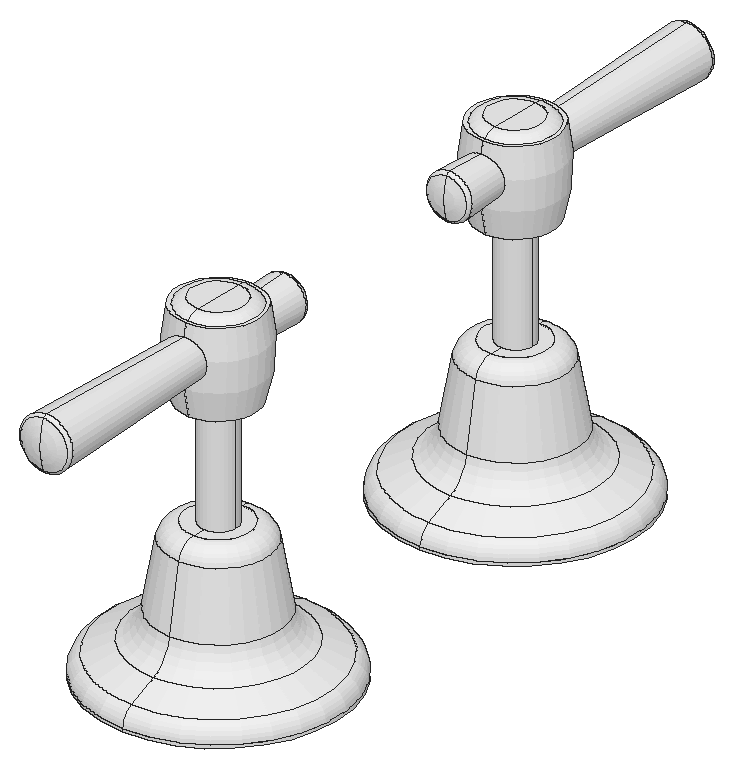
Revit family "Classic-lever-w-tp-ass-HWC-631245C", category Plumbing Fixtures, host Face, Revit 2015
Parameters
  Waste Connection = no
  Vent Connection = no
  URL = "https://www.caroma.com.au/"
  Model = "631245C"
  Material_Spout = GWA_Metal-Chrome
  Material_Handle = GWA_Metal-Chrome
  Manufacturer = "GWA Bathrooms & Kitchens"  # constant formula
  HW Connection = yes
  Description = "Classic-lever-w-tp-ass-HWC"
  Default Elevation = 900 mm
  CreatedBy_ANZRS = "GWA Bathrooms & Kitchens"  # constant formula
  CW Connection = yes
  Assembly Code = "C1030220"
Reference planes
  plane 1 "Center (Front/Back)": y = 0
  plane 2: z = 0
  plane 3 "Center (Left/Right)": x = 0
Forms (mm)
  Revolve 1, solid, material "GWA_Metal-Chrome" <- "Material_Handle"
    sketch origin (0, 57.06, 14) x (0, -1, 0) y (0, 0, 1)
      loop
        arc (100.288, 77) -> (98.53, 76.606) -> (97.108, 75.5) r 4.122
        line (97.108, 75.5) -> (96.066, 75.5)
        arc (96.066, 75.5) -> (94.994, 63.931) -> (97.072, 52.5) r 42.817
        line (97.072, 52.5) -> (107.06, 52.5) -> (107.06, 77) -> (100.288, 77)
      axis (107.06, 77) -> (107.06, 52.5)
    angle from 0 to 360
  Revolve 2, solid, material "GWA_Metal-Chrome" <- "Material_Handle"
    sketch origin (0, 57.06, 14) x (0, -1, 0) y (0, 0, 1)
      loop
        line (115.373, 72.256) -> (115.373, 67) -> (167.06, 67)
        arc (167.06, 67) -> (166.697, 70.282) -> (165.624, 73.405) r 15
        arc (165.624, 73.405) -> (165.24, 73.832) -> (164.685, 73.978) r 1
        line (164.685, 73.978) -> (115.373, 72.256)
      axis (115.373, 67) -> (167.06, 67)
    angle from 0 to 360
  Revolve 3, solid, material "GWA_Metal-Chrome" <- "Material_Handle"
    sketch origin (0, 57.06, 14) x (0, -1, 0) y (0, 0, 1)
      loop
        line (98.747, 72.421) -> (85.045, 73.019)
        arc (85.045, 73.019) -> (84.453, 72.857) -> (84.068, 72.379) r 1
        arc (84.068, 72.379) -> (83.319, 69.736) -> (83.065, 67) r 15
        line (83.065, 67) -> (98.747, 67) -> (98.747, 72.421)
      axis (98.747, 67) -> (83.065, 67)
    angle from 0 to 360
  Extrusion 4, solid, material "GWA_Metal-Chrome" <- "Material_Handle"
    sketch origin (0, 57.06, 0) x (1, 0, 0) y (0, 1, 0)
      loop
        circle (0, -107.06) r 4.75
    from 33.717 to 66.5
  Revolve 5, solid, material "GWA_Metal-Chrome" <- "Material_Handle"
    sketch origin (0, -50, 0) x (0, 1, 0) y (0, 0, 1)
      loop
        line (-32, 0) -> (0, 0) -> (0, 37) -> (-8.305, 37)
        arc (-8.305, 37) -> (-11.518, 35.83) -> (-13.229, 32.868) r 5
        line (-13.229, 32.868) -> (-16.189, 16.078)
        arc (-16.189, 16.078) -> (-18.104, 11.727) -> (-21.811, 8.751) r 10
        line (-21.811, 8.751) -> (-29.113, 5.346)
        arc (-29.113, 5.346) -> (-31.217, 3.501) -> (-32, 0.815) r 5
        line (-32, 0.815) -> (-32, 0)
      axis (0, 37) -> (0, 0)
    angle from 0 to 360
  Revolve 6, solid, material "GWA_Metal-Chrome" <- "Material_Handle"
    sketch origin (0, -57.06, 14) x (0, 1, 0) y (0, 0, 1)
      loop
        arc (100.288, 77) -> (98.53, 76.606) -> (97.108, 75.5) r 4.122
        line (97.108, 75.5) -> (96.066, 75.5)
        arc (96.066, 75.5) -> (94.994, 63.931) -> (97.072, 52.5) r 42.817
        line (97.072, 52.5) -> (107.06, 52.5) -> (107.06, 77) -> (100.288, 77)
      axis (107.06, 77) -> (107.06, 52.5)
    angle from 0 to 360
  Revolve 7, solid, material "GWA_Metal-Chrome" <- "Material_Handle"
    sketch origin (0, -57.06, 14) x (0, 1, 0) y (0, 0, 1)
      loop
        line (115.373, 72.256) -> (115.373, 67) -> (167.06, 67)
        arc (167.06, 67) -> (166.697, 70.282) -> (165.624, 73.405) r 15
        arc (165.624, 73.405) -> (165.24, 73.832) -> (164.685, 73.978) r 1
        line (164.685, 73.978) -> (115.373, 72.256)
      axis (115.373, 67) -> (167.06, 67)
    angle from 0 to 360
  Revolve 8, solid, material "GWA_Metal-Chrome" <- "Material_Handle"
    sketch origin (0, -57.06, 14) x (0, 1, 0) y (0, 0, 1)
      loop
        line (98.747, 72.421) -> (85.045, 73.019)
        arc (85.045, 73.019) -> (84.453, 72.857) -> (84.068, 72.379) r 1
        arc (84.068, 72.379) -> (83.319, 69.736) -> (83.065, 67) r 15
        line (83.065, 67) -> (98.747, 67) -> (98.747, 72.421)
      axis (98.747, 67) -> (83.065, 67)
    angle from 0 to 360
  Extrusion 9, solid, material "GWA_Metal-Chrome" <- "Material_Handle"
    sketch origin (0, -57.06, 0) x (1, 0, 0) y (0, 1, 0)
      loop
        circle (0, 107.06) r 4.75
    from 33.717 to 66.5
  Revolve 10, solid, material "GWA_Metal-Chrome" <- "Material_Handle"
    sketch origin (0, 50, 0) x (0, -1, 0) y (0, 0, 1)
      loop
        line (-32, 0) -> (0, 0) -> (0, 37) -> (-8.305, 37)
        arc (-8.305, 37) -> (-11.518, 35.83) -> (-13.229, 32.868) r 5
        line (-13.229, 32.868) -> (-16.189, 16.078)
        arc (-16.189, 16.078) -> (-18.104, 11.727) -> (-21.811, 8.751) r 10
        line (-21.811, 8.751) -> (-29.113, 5.346)
        arc (-29.113, 5.346) -> (-31.217, 3.501) -> (-32, 0.815) r 5
        line (-32, 0.815) -> (-32, 0)
      axis (0, 37) -> (0, 0)
    angle from 0 to 360
Lines and regions (mm)
  Masking region 1
    outline origin (0, 50, 0) x (0, 1, 0) y (0, 0, 1)
      loop
        line (-68, 0) -> (-68, 0.815)
        arc (-68, 0.815) -> (-68.783, 3.501) -> (-70.887, 5.346) r 5
        line (-70.887, 5.346) -> (-78.189, 8.751)
        arc (-78.189, 8.751) -> (-81.896, 11.727) -> (-83.811, 16.078) r 10
        line (-83.811, 16.078) -> (-86.771, 32.868)
        arc (-86.771, 32.868) -> (-88.482, 35.83) -> (-91.695, 37) r 5
        line (-91.695, 37) -> (-95.284, 37) -> (-95.284, 66.5) -> (-90.06, 66.5)
        arc (-90.06, 66.5) -> (-88.875, 70.913) -> (-88.166, 75.427) r 42.817
        line (-88.166, 75.427) -> (-78.024, 74.981)
        arc (-78.024, 74.981) -> (-77.431, 75.143) -> (-77.046, 75.622) r 1
        arc (-77.046, 75.622) -> (-76.054, 81.002) -> (-77.057, 86.379) r 15
        arc (-77.057, 86.379) -> (-77.442, 86.857) -> (-78.033, 87.019) r 1
        line (-78.033, 87.019) -> (-88.479, 86.563)
        arc (-88.479, 86.563) -> (-88.741, 88.036) -> (-89.054, 89.5) r 42.817
        line (-89.054, 89.5) -> (-90.096, 89.5)
        arc (-90.096, 89.5) -> (-91.496, 90.655) -> (-93.277, 91) r 3.678
        line (-93.277, 91) -> (-106.82, 91)
        arc (-106.82, 91) -> (-108.602, 90.655) -> (-110.001, 89.5) r 3.678
        line (-110.001, 89.5) -> (-111.043, 89.5)
        arc (-111.043, 89.5) -> (-111.375, 87.941) -> (-111.649, 86.37) r 42.817
        line (-111.649, 86.37) -> (-157.673, 87.978)
        arc (-157.673, 87.978) -> (-158.229, 87.832) -> (-158.612, 87.405) r 1
        arc (-158.612, 87.405) -> (-160.049, 81) -> (-158.612, 74.595) r 15
        arc (-158.612, 74.595) -> (-158.229, 74.168) -> (-157.673, 74.022) r 1
        line (-157.673, 74.022) -> (-111.951, 75.619)
        arc (-111.951, 75.619) -> (-111.243, 71.007) -> (-110.037, 66.5) r 42.817
        line (-110.037, 66.5) -> (-104.814, 66.5) -> (-104.814, 37) -> (-108.305, 37)
        arc (-108.305, 37) -> (-111.518, 35.83) -> (-113.229, 32.868) r 5
        line (-113.229, 32.868) -> (-116.189, 16.078)
        arc (-116.189, 16.078) -> (-118.104, 11.727) -> (-121.811, 8.751) r 10
        line (-121.811, 8.751) -> (-129.113, 5.346)
        arc (-129.113, 5.346) -> (-131.217, 3.501) -> (-132, 0.815) r 5
        line (-132, 0.815) -> (-132, 0) -> (-68, 0)
  Masking region 2
    outline origin (0, 0, 0) x (1, 0, 0) y (0, 0, 1)
      loop
        arc (-6.772, 91) -> (-8.553, 90.655) -> (-9.952, 89.5) r 3.678
        line (-9.952, 89.5) -> (-10.994, 89.5)
        arc (-10.994, 89.5) -> (-12.066, 77.931) -> (-9.988, 66.5) r 42.817
        line (-9.988, 66.5) -> (-4.75, 66.5) -> (-4.75, 37) -> (-8.305, 37)
        arc (-8.305, 37) -> (-11.518, 35.83) -> (-13.229, 32.868) r 5
        line (-13.229, 32.868) -> (-16.189, 16.078)
        arc (-16.189, 16.078) -> (-18.104, 11.727) -> (-21.811, 8.751) r 10
        line (-21.811, 8.751) -> (-29.113, 5.346)
        arc (-29.113, 5.346) -> (-31.217, 3.501) -> (-32, 0.815) r 5
        line (-32, 0.815) -> (-32, 0) -> (32, 0) -> (32, 0.815)
        arc (32, 0.815) -> (31.217, 3.501) -> (29.113, 5.346) r 5
        line (29.113, 5.346) -> (21.811, 8.751)
        arc (21.811, 8.751) -> (18.104, 11.727) -> (16.189, 16.078) r 10
        line (16.189, 16.078) -> (13.229, 32.868)
        arc (13.229, 32.868) -> (11.518, 35.83) -> (8.305, 37) r 5
        line (8.305, 37) -> (4.75, 37) -> (4.75, 66.5) -> (9.988, 66.5)
        arc (9.988, 66.5) -> (12.066, 77.931) -> (10.994, 89.5) r 42.817
        line (10.994, 89.5) -> (9.952, 89.5)
        arc (9.952, 89.5) -> (8.53, 90.606) -> (6.772, 91) r 4.122
        line (6.772, 91) -> (-6.772, 91)
  Masking region 3
    outline origin (0, -50, 0) x (0, -1, 0) y (0, 0, 1)
      loop
        line (-68, 0) -> (-68, 0.815)
        arc (-68, 0.815) -> (-68.783, 3.501) -> (-70.887, 5.346) r 5
        line (-70.887, 5.346) -> (-78.189, 8.751)
        arc (-78.189, 8.751) -> (-81.896, 11.727) -> (-83.811, 16.078) r 10
        line (-83.811, 16.078) -> (-86.771, 32.868)
        arc (-86.771, 32.868) -> (-88.482, 35.83) -> (-91.695, 37) r 5
        line (-91.695, 37) -> (-95.284, 37) -> (-95.284, 66.5) -> (-90.06, 66.5)
        arc (-90.06, 66.5) -> (-88.875, 70.913) -> (-88.166, 75.427) r 42.817
        line (-88.166, 75.427) -> (-78.024, 74.981)
        arc (-78.024, 74.981) -> (-77.431, 75.143) -> (-77.046, 75.622) r 1
        arc (-77.046, 75.622) -> (-76.054, 81.002) -> (-77.057, 86.379) r 15
        arc (-77.057, 86.379) -> (-77.442, 86.857) -> (-78.033, 87.019) r 1
        line (-78.033, 87.019) -> (-88.479, 86.563)
        arc (-88.479, 86.563) -> (-88.741, 88.036) -> (-89.054, 89.5) r 42.817
        line (-89.054, 89.5) -> (-90.096, 89.5)
        arc (-90.096, 89.5) -> (-91.496, 90.655) -> (-93.277, 91) r 3.678
        line (-93.277, 91) -> (-106.82, 91)
        arc (-106.82, 91) -> (-108.602, 90.655) -> (-110.001, 89.5) r 3.678
        line (-110.001, 89.5) -> (-111.043, 89.5)
        arc (-111.043, 89.5) -> (-111.375, 87.941) -> (-111.649, 86.37) r 42.817
        line (-111.649, 86.37) -> (-157.673, 87.978)
        arc (-157.673, 87.978) -> (-158.229, 87.832) -> (-158.612, 87.405) r 1
        arc (-158.612, 87.405) -> (-160.049, 81) -> (-158.612, 74.595) r 15
        arc (-158.612, 74.595) -> (-158.229, 74.168) -> (-157.673, 74.022) r 1
        line (-157.673, 74.022) -> (-111.951, 75.619)
        arc (-111.951, 75.619) -> (-111.243, 71.007) -> (-110.037, 66.5) r 42.817
        line (-110.037, 66.5) -> (-104.814, 66.5) -> (-104.814, 37) -> (-108.305, 37)
        arc (-108.305, 37) -> (-111.518, 35.83) -> (-113.229, 32.868) r 5
        line (-113.229, 32.868) -> (-116.189, 16.078)
        arc (-116.189, 16.078) -> (-118.104, 11.727) -> (-121.811, 8.751) r 10
        line (-121.811, 8.751) -> (-129.113, 5.346)
        arc (-129.113, 5.346) -> (-131.217, 3.501) -> (-132, 0.815) r 5
        line (-132, 0.815) -> (-132, 0) -> (-68, 0)
  Masking region 4
    outline origin (0, 0, 0) x (1, 0, 0) y (0, 1, 0)
      loop
        arc (6.062, -81.42) -> (0, -18) -> (-6.063, -81.42) r 32
        line (-6.063, -81.42) -> (-6.978, -107.625)
        arc (-6.978, -107.625) -> (-6.832, -108.18) -> (-6.405, -108.564) r 1
        arc (-6.405, -108.564) -> (0, -110) -> (6.405, -108.564) r 15
        arc (6.405, -108.564) -> (6.832, -108.18) -> (6.978, -107.625) r 1
        line (6.978, -107.625) -> (6.062, -81.42)
  Masking region 5
    outline origin (0, 0, 0) x (0, -1, 0) y (1, 0, 0)
      loop
        line (-81.42, 6.062) -> (-107.625, 6.978)
        arc (-107.625, 6.978) -> (-108.18, 6.832) -> (-108.564, 6.405) r 1
        arc (-108.564, 6.405) -> (-110, 0) -> (-108.564, -6.405) r 15
        arc (-108.564, -6.405) -> (-108.18, -6.832) -> (-107.625, -6.978) r 1
        line (-107.625, -6.978) -> (-81.42, -6.063)
        arc (-81.42, -6.063) -> (-18, 0) -> (-81.42, 6.062) r 32
  symbolic lines
    curve 1: line (-10.994, 0, 89.5) -> (10.994, 0, 89.5)
    curve 2: arc (10.994, 0, 89.5) -> (12.066, 0, 77.931) -> (9.988, 0, 66.5) r 42.817
    curve 3: line (9.988, 0, 66.5) -> (-9.988, 0, 66.5)
    curve 4: arc (-9.988, 0, 66.5) -> (-12.066, 0, 77.931) -> (-10.994, 0, 89.5) r 42.817
    curve 5: arc (-9.952, 0, 89.5) -> (-8.553, 0, 90.655) -> (-6.772, 0, 91) r 3.678
    curve 6: line (-6.772, 0, 91) -> (6.772, 0, 91)
    curve 7: arc (6.772, 0, 91) -> (8.53, 0, 90.606) -> (9.952, 0, 89.5) r 4.122
    curve 8: circle (0, 0, 81) r 6 normal (0, -1, 0)
    curve 9: line (-4.75, 0, 66.5) -> (-4.75, 0, 37)
    curve 10: line (4.75, 0, 66.5) -> (4.75, 0, 37)
    curve 11: line (0, -107.673, 87.978) -> (0, -61.649, 86.37)
    curve 12: arc (0, -108.612, 87.405) -> (0, -108.229, 87.832) -> (0, -107.673, 87.978) r 1
    curve 13: arc (0, -108.612, 87.405) -> (0, -110.049, 81) -> (0, -108.612, 74.595) r 15
    curve 14: arc (0, -108.612, 74.595) -> (0, -108.229, 74.168) -> (0, -107.673, 74.022) r 1
    curve 15: line (0, -61.951, 75.619) -> (0, -107.673, 74.022)
    curve 16: line (0, -38.166, 75.427) -> (0, -28.024, 74.981)
    curve 17: arc (0, -27.046, 75.622) -> (0, -27.431, 75.143) -> (0, -28.024, 74.981) r 1
    curve 18: arc (0, -27.057, 86.379) -> (0, -26.054, 81.002) -> (0, -27.046, 75.622) r 15
    curve 19: arc (0, -27.057, 86.379) -> (0, -27.442, 86.857) -> (0, -28.033, 87.019) r 1
    curve 20: line (0, -28.033, 87.019) -> (0, -38.479, 86.563)
    curve 21: line (0, -39.054, 89.5) -> (0, -61.043, 89.5)
    curve 22: arc (0, -40.096, 89.5) -> (0, -41.496, 90.655) -> (0, -43.277, 91) r 3.678
    curve 23: arc (0, -60.001, 89.5) -> (0, -58.602, 90.655) -> (0, -56.82, 91) r 3.678
    curve 24: line (0, -43.277, 91) -> (0, -56.82, 91)
    curve 25: line (0, -40.06, 66.5) -> (0, -60.037, 66.5)
    curve 26: line (0, -54.814, 66.5) -> (0, -54.814, 37)
    curve 27: line (0, -45.284, 66.5) -> (0, -45.284, 37)
    curve 28: arc (0, -39.054, 89.5) -> (0, -38.741, 88.036) -> (0, -38.479, 86.563) r 42.817
    curve 29: arc (0, -38.166, 75.427) -> (0, -38.875, 70.913) -> (0, -40.06, 66.5) r 42.817
    curve 30: arc (0, -61.043, 89.5) -> (0, -61.375, 87.941) -> (0, -61.649, 86.37) r 42.817
    curve 31: arc (0, -61.951, 75.619) -> (0, -61.243, 71.007) -> (0, -60.037, 66.5) r 42.817
    curve 32: arc (0, -38.479, 86.563) -> (0, -40.253, 80.94) -> (0, -38.166, 75.427) r 9
    curve 33: arc (0, -61.649, 86.37) -> (0, -60.017, 80.945) -> (0, -61.951, 75.619) r 9
    curve 34: line (5.346, -60.912, 0) -> (6.978, -107.625, 0)
    curve 35: line (-6.978, -107.625, 0) -> (-5.346, -60.912, 0)
    curve 36: arc (-6.978, -107.625, 0) -> (-6.832, -108.18, 0) -> (-6.405, -108.564, 0) r 1
    curve 37: arc (-6.405, -108.564, 0) -> (0, -110, 0) -> (6.405, -108.564, 0) r 15
    curve 38: arc (6.405, -108.564, 0) -> (6.832, -108.18, 0) -> (6.978, -107.625, 0) r 1
    curve 39: arc (-6.019, -27.985, 0) -> (-5.857, -27.393, 0) -> (-5.379, -27.008, 0) r 1
    curve 40: arc (-5.379, -27.008, 0) -> (-0.002, -26.005, 0) -> (5.378, -26.997, 0) r 15
    curve 41: arc (5.378, -26.997, 0) -> (5.857, -27.383, 0) -> (6.019, -27.975, 0) r 1
    curve 42: line (6.019, -27.975, 0) -> (5.527, -39.178, 0)
    curve 43: line (-6.019, -27.975, 0) -> (-5.527, -39.178, 0)
    curve 44: arc (-5.379, -61.845, 0) -> (-13.009, -50.104, 0) -> (-5.568, -38.243, 0) r 13.009
    curve 45: circle (0, -50, 0) r 9.952 normal (0, 0, -1)
    curve 46: arc (5.346, -60.912, 0) -> (0, -62.152, 0) -> (-5.346, -60.912, 0) r 12.152
    curve 47: arc (-5.527, -39.178, 0) -> (0, -37.848, 0) -> (5.527, -39.178, 0) r 12.152
    curve 48: arc (5.568, -38.243, 0) -> (13.009, -50.104, 0) -> (5.379, -61.845, 0) r 13.009
    curve 49: line (0, -82, 0) -> (0, -18, 0)
    curve 50: line (0, -18, 0) -> (0, -18, 0.815)
    curve 51: arc (0, -18, 0.815) -> (0, -18.783, 3.501) -> (0, -20.887, 5.346) r 5
    curve 52: line (0, -20.887, 5.346) -> (0, -28.189, 8.751)
    curve 53: arc (0, -28.189, 8.751) -> (0, -31.896, 11.727) -> (0, -33.811, 16.078) r 10
    curve 54: line (0, -33.811, 16.078) -> (0, -36.771, 32.868)
    curve 55: arc (0, -36.771, 32.868) -> (0, -38.482, 35.83) -> (0, -41.695, 37) r 5
    curve 56: line (0, -41.695, 37) -> (0, -58.305, 37)
    curve 57: line (0, -82, 0) -> (0, -82, 0.815)
    curve 58: arc (0, -82, 0.815) -> (0, -81.217, 3.501) -> (0, -79.113, 5.346) r 5
    curve 59: line (0, -79.113, 5.346) -> (0, -71.811, 8.751)
    curve 60: arc (0, -71.811, 8.751) -> (0, -68.104, 11.727) -> (0, -66.189, 16.078) r 10
    curve 61: line (0, -66.189, 16.078) -> (0, -63.229, 32.868)
    curve 62: arc (0, -63.229, 32.868) -> (0, -61.518, 35.83) -> (0, -58.305, 37) r 5
    curve 63: line (-8.305, 0, 37) -> (8.305, 0, 37)
    curve 64: arc (-13.229, 0, 32.868) -> (-11.518, 0, 35.83) -> (-8.305, 0, 37) r 5
    curve 65: line (-13.229, 0, 32.868) -> (-16.189, 0, 16.078)
    curve 66: arc (13.229, 0, 32.868) -> (11.518, 0, 35.83) -> (8.305, 0, 37) r 5
    curve 67: line (13.229, 0, 32.868) -> (16.189, 0, 16.078)
    curve 68: arc (21.811, 0, 8.751) -> (18.104, 0, 11.727) -> (16.189, 0, 16.078) r 10
    curve 69: arc (-21.811, 0, 8.751) -> (-18.104, 0, 11.727) -> (-16.189, 0, 16.078) r 10
    curve 70: line (-21.811, 0, 8.751) -> (-29.113, 0, 5.346)
    curve 71: line (21.811, 0, 8.751) -> (29.113, 0, 5.346)
    curve 72: arc (32, 0, 0.815) -> (31.217, 0, 3.501) -> (29.113, 0, 5.346) r 5
    curve 73: arc (-32, 0, 0.815) -> (-31.217, 0, 3.501) -> (-29.113, 0, 5.346) r 5
    curve 74: line (-32, 0, 0.815) -> (-32, 0, 0)
    curve 75: line (32, 0, 0) -> (32, 0, 0.815)
    curve 76: line (32, 0, 0) -> (-32, 0, 0)
    curve 77: line (0, 107.673, 87.978) -> (0, 61.649, 86.37)
    curve 78: arc (0, 108.612, 87.405) -> (0, 108.229, 87.832) -> (0, 107.673, 87.978) r 1
    curve 79: arc (0, 108.612, 87.405) -> (0, 110.049, 81) -> (0, 108.612, 74.595) r 15
    curve 80: arc (0, 108.612, 74.595) -> (0, 108.229, 74.168) -> (0, 107.673, 74.022) r 1
    curve 81: line (0, 61.951, 75.619) -> (0, 107.673, 74.022)
    curve 82: line (0, 38.166, 75.427) -> (0, 28.024, 74.981)
    curve 83: arc (0, 27.046, 75.622) -> (0, 27.431, 75.143) -> (0, 28.024, 74.981) r 1
    curve 84: arc (0, 27.057, 86.379) -> (0, 26.054, 81.002) -> (0, 27.046, 75.622) r 15
    curve 85: arc (0, 27.057, 86.379) -> (0, 27.442, 86.857) -> (0, 28.033, 87.019) r 1
    curve 86: line (0, 28.033, 87.019) -> (0, 38.479, 86.563)
    curve 87: line (0, 39.054, 89.5) -> (0, 61.043, 89.5)
    curve 88: arc (0, 40.096, 89.5) -> (0, 41.496, 90.655) -> (0, 43.277, 91) r 3.678
    curve 89: arc (0, 60.001, 89.5) -> (0, 58.602, 90.655) -> (0, 56.82, 91) r 3.678
    curve 90: line (0, 43.277, 91) -> (0, 56.82, 91)
    curve 91: line (0, 40.06, 66.5) -> (0, 60.037, 66.5)
    curve 92: line (0, 54.814, 66.5) -> (0, 54.814, 37)
    curve 93: line (0, 45.284, 66.5) -> (0, 45.284, 37)
    curve 94: arc (0, 39.054, 89.5) -> (0, 38.741, 88.036) -> (0, 38.479, 86.563) r 42.817
    curve 95: arc (0, 38.166, 75.427) -> (0, 38.875, 70.913) -> (0, 40.06, 66.5) r 42.817
    curve 96: arc (0, 61.043, 89.5) -> (0, 61.375, 87.941) -> (0, 61.649, 86.37) r 42.817
    curve 97: arc (0, 61.951, 75.619) -> (0, 61.243, 71.007) -> (0, 60.037, 66.5) r 42.817
    curve 98: arc (0, 38.479, 86.563) -> (0, 40.253, 80.94) -> (0, 38.166, 75.427) r 9
    curve 99: arc (0, 61.649, 86.37) -> (0, 60.017, 80.945) -> (0, 61.951, 75.619) r 9
    curve 100: line (0, 82, 0) -> (0, 18, 0)
    curve 101: line (0, 18, 0) -> (0, 18, 0.815)
    curve 102: arc (0, 18, 0.815) -> (0, 18.783, 3.501) -> (0, 20.887, 5.346) r 5
    curve 103: line (0, 20.887, 5.346) -> (0, 28.189, 8.751)
    curve 104: arc (0, 28.189, 8.751) -> (0, 31.896, 11.727) -> (0, 33.811, 16.078) r 10
    curve 105: line (0, 33.811, 16.078) -> (0, 36.771, 32.868)
    curve 106: arc (0, 36.771, 32.868) -> (0, 38.482, 35.83) -> (0, 41.695, 37) r 5
    curve 107: line (0, 41.695, 37) -> (0, 58.305, 37)
    curve 108: line (0, 82, 0) -> (0, 82, 0.815)
    curve 109: arc (0, 82, 0.815) -> (0, 81.217, 3.501) -> (0, 79.113, 5.346) r 5
    curve 110: line (0, 79.113, 5.346) -> (0, 71.811, 8.751)
    curve 111: arc (0, 71.811, 8.751) -> (0, 68.104, 11.727) -> (0, 66.189, 16.078) r 10
    curve 112: line (0, 66.189, 16.078) -> (0, 63.229, 32.868)
    curve 113: arc (0, 63.229, 32.868) -> (0, 61.518, 35.83) -> (0, 58.305, 37) r 5
    curve 114: arc (-5.973, -29.034, 0) -> (-21.8, -50.142, 0) -> (-5.7, -71.042, 0) r 21.8
    curve 115: arc (5.7, -71.042, 0) -> (21.8, -50.142, 0) -> (5.973, -29.034, 0) r 21.8
    curve 116: arc (6.062, -81.42, 0) -> (0, -18, 0) -> (-6.063, -81.42, 0) r 32
    curve 117: line (5.346, 60.912, 0) -> (6.978, 107.625, 0)
    curve 118: line (-6.978, 107.625, 0) -> (-5.346, 60.912, 0)
    curve 119: arc (-6.978, 107.625, 0) -> (-6.832, 108.18, 0) -> (-6.405, 108.564, 0) r 1
    curve 120: arc (-6.405, 108.564, 0) -> (0, 110, 0) -> (6.405, 108.564, 0) r 15
    curve 121: arc (6.405, 108.564, 0) -> (6.832, 108.18, 0) -> (6.978, 107.625, 0) r 1
    curve 122: arc (-6.019, 27.985, 0) -> (-5.857, 27.393, 0) -> (-5.379, 27.008, 0) r 1
    curve 123: arc (-5.379, 27.008, 0) -> (-0.002, 26.005, 0) -> (5.378, 26.997, 0) r 15
    curve 124: arc (5.378, 26.997, 0) -> (5.857, 27.383, 0) -> (6.019, 27.975, 0) r 1
    curve 125: line (6.019, 27.975, 0) -> (5.527, 39.178, 0)
    curve 126: line (-6.019, 27.975, 0) -> (-5.527, 39.178, 0)
    curve 127: arc (-5.379, 61.845, 0) -> (-13.009, 50.104, 0) -> (-5.568, 38.243, 0) r 13.009
    curve 128: circle (0, 50, 0) r 9.952 normal (0, 0, 1)
    curve 129: arc (5.346, 60.912, 0) -> (0, 62.152, 0) -> (-5.346, 60.912, 0) r 12.152
    curve 130: arc (-5.527, 39.178, 0) -> (0, 37.848, 0) -> (5.527, 39.178, 0) r 12.152
    curve 131: arc (5.568, 38.243, 0) -> (13.009, 50.104, 0) -> (5.379, 61.845, 0) r 13.009
    curve 132: arc (-5.973, 29.034, 0) -> (-21.8, 50.142, 0) -> (-5.7, 71.042, 0) r 21.8
    curve 133: arc (5.7, 71.042, 0) -> (21.8, 50.142, 0) -> (5.973, 29.034, 0) r 21.8
    curve 134: arc (6.062, 81.42, 0) -> (0, 18, 0) -> (-6.063, 81.42, 0) r 32
Dimensions and locks
  aligned and locked: plane 2 to host face
  aligned and locked: level to host face
Connectors
  piping at (0, 50, 0), diameter 20
    settings: index 1, connector inside diameter 609.6 mm, connector length 0 mm, flow factor 0, pipe flow 0.0 L/s, pressure drop 0.0 Pa, fitting loss kfactor 0, connector angle 0.00°, fixture units 0, engagement length 0 mm, angle of deflection 0.00°, flow configuration 3, flow direction 1, fitting loss method 0, system type 20, joint type 0, gender type 0, connector reference index -1, connector utility 0, adjustable connector no, is connector primary yes, connector description ""
  piping at (0, -50, 0), diameter 20
    settings: index 2, connector inside diameter 609.6 mm, connector length 0 mm, flow factor 0, pipe flow 0.0 L/s, pressure drop 0.0 Pa, fitting loss kfactor 0, connector angle 0.00°, fixture units 0, engagement length 0 mm, angle of deflection 0.00°, flow configuration 3, flow direction 1, fitting loss method 0, system type 19, joint type 0, gender type 0, connector reference index -1, connector utility 0, adjustable connector no, is connector primary no, connector description ""
